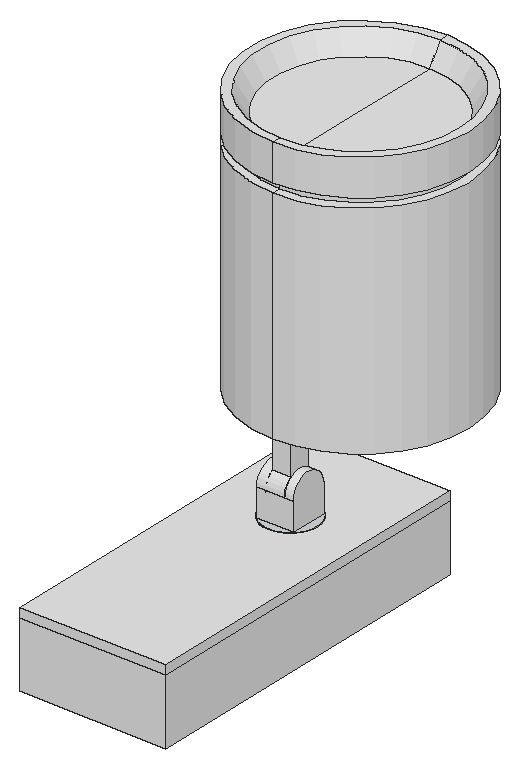
Revit family "63_PHILIPS_StyliD_Evo_Performance_3C_track_ST780T_3D", category Lighting Fixtures, host Face, Revit 2016
Family settings
  Host = Face
  Part Type = Normal
  Round Connector Dimension = Use Diameter
  Cut with Voids When Loaded = No
  Light Source = No
  Shared = No
  Room Calculation Point = No
Parameters (values of type "Type catalog")
  Voltage (V) = ""
  Visibility 2D symbol [instance] = not(Visibility 2D outline)  # yes
  Visibility 2D outline [instance] = no
  Visibility 2D driver [instance] = no
  Rotation XZ = 0.00°
  Rotation XY = 90.00°
  Product catalog - URL = "Product URL"
  Order code = "ORDER CODE"
  Offset = 1 mm
  Length = 146 mm
  Last IES update = "DATE"
  Height = 275 mm
  Fixture code = "FIXTURE CODE"
  ETIM code URL = "https://prod.etim-international.com/Class/Details?classId=EC001744&classVersion=7"
  ETIM code = "EC001744"
  EOC = "EOC CODE"
  Diameter = 120 mm
  Content version = "1.0"
  Content modified date = "DATE"
  Content creation date = "28-03-2019"
  Constraint XZ = if(Rotation XZ < 0.00°, 0.00°, if(Rotation XZ > 350.00°, 350.00°, Rotation XZ))  # 0.00°
  Constraint XY = if(Rotation XY < 15.00°, 15.00°, if(Rotation XY > 100.00°, 100.00°, Rotation XY))  # 90.00°
  Connector width = 80 mm
  Wattage Comments = ""
  URL = "http://www.lighting.philips.com/home"
  Type Comments = "Track Mount"
  Model = "ST780T"
  Manufacturer = "Philips"
  Light loss factor = ""
  Lamp = ""
  Initial luminous flux (lm) = ""
  Init. Corr. Color Temperature (K) = ""
  Description = "StyliD Evo"
  Default Elevation = 0 mm
  Content Creator = "https://www.cadac.com/bimcontent"
  Connector height = 54 mm
  Conector length = 210 mm
  BIM Library - URL = "http://www.lighting.philips.com/main/support/support/revit-library#page=1"
  Assembly Code = ""
  Armatuurcode [instance] = ""
  Apparent Load = 0 VA
  12NC = "12NC CODE"
Reference planes
  plane 1 "Center (Front/Back)": y = 0
  plane 2: z = 0
  plane 3 "Center (Left/Right)": x = 0
  plane 4 "Cadac Group AEC": y = 15
  plane 5: z = 211
  plane 6: z = -53
  plane 7: z = 1
  plane 8: x = -40
  plane 9: y = -175
  plane 10: y = -49.5
  plane 11: x = 40
  plane 12: z = 125.635
  plane 13: z = 42
Lines and regions (mm)
  reference lines
    curve 1: line (0, -49.5, 42) -> (0, -230.226, 42)
Dimensions and locks
  "Connector height": plane 6 to plane 7
  equal spacing: plane 8, plane 3 "Center (Left/Right)", plane 11
  "Connector width": plane 8 to plane 11
  "Offset": plane 2 to plane 7
  "Conector length": plane 7 to plane 5
  plane 9 to plane 1 "Center (Front/Back)" = 175 mm
  locked: plane 10 to curve 1 at 0
  locked: plane 3 "Center (Left/Right)" to curve 1
  "Constraint XZ": angle curve 1 to plane 3 "Center (Left/Right)"
  aligned and locked: plane 2 to host face
  aligned and locked: level to host face
Automatic sketch dimensions
  host sketch curve to host sketch curve = 727.065 mm
  host sketch curve to host sketch curve = 619.519 mm
Nested families
  nested 1: "63_PHILIPS_Trackmount_Evo Performance Dali ST780T 3D" at (0, -80, 1), type "geometry"
    with length 210 mm
  nested 2: "63_PHILIPS_Spot_StyliD" at (0, -49.5, 42) x (0, -1, 0) z (0, 0, -1), rotation angle ZX <- "Constraint XY", type "Spot"
    with rotation angle ZX 90.00°, spot offset 29 mm, height spot 146 mm, Radius 60 mm
  nested 3: "2D-PL-Rechthoekig" at (0, -80, 0) x (0, 1, 0) z (0, 0, 1), Width <- "Connector width", lengte <- "Conector length", visible <- "Visibility 2D outline", type "2D symbool"
    with lengte 210 mm, Width 80 mm
  nested 4: "2D-PL-Rond + symbool + peil" at (0, -1.5, 0) x (-1, 0, 0) z (0, 0, 1), Diameters <- "Diameter", Rotation XY <- "Constraint XZ", visible <- "Visibility 2D symbol", type "2D symbool"
    with radius 60 mm, Rotation XY 0.00°, Diameters 120 mm
  nested 5: "2D-PL-peil" at (0, -1.5, 0) x (0, 1, 0) z (0, 0, 1), type "2D symbool"
  nested 6: "2D-PL-Driver" at (0, -2.5, 0), visible <- "Visibility 2D driver", type "2D symbool"
Connectors
  electrical at (0, -87.5, 1), driven by "Apparent Load"
    settings: on nested 1, index 1, voltage 0 V, apparent load 0 VA, apparent load phase1 0 VA, apparent load phase2 0 VA, apparent load phase3 0 VA, power factor 1, load classification "Other", number of poles 1, system type 31, power factor state 1, is connector primary yes, connector utility no, sub classification motor no, connector description ""
Definition of nested family "63_PHILIPS_Trackmount_Evo Performance Dali ST780T 3D"
  Parameters (values of type "geometry")
    width = 80 mm
    light source = 2 mm
    length = 190 mm
    height = 36 mm
    algemeen_leverancier = ""
    algemeen_code = ""
    algemeen_URL = ""
    Type Comments = ""
    Model = ""
    Manufacturer = "Philips"
    Diameter pole = 30 mm
    Lamp = ""
    Description = ""
  Reference planes
    plane 1 "Center (Front/Back)": y = 0
    plane 2: z = 41
    plane 3 "Center (Left/Right)": x = 0
    plane 4 "Blend 4": z = 0
    plane 5: x = -40
    plane 6: x = 40
    plane 7: y = 95
    plane 8: y = -95
    plane 9: z = 36
    plane 10: z = 10
    plane 11: x = -32.5
    plane 12: x = 32.5
  Forms (mm)
    Extrusion 1, solid
      sketch origin (0, 0, -197) x (0, 1, 0) y (-1, 0, 0)
        loop
          line (-95, 40) -> (-95, -40) -> (80, -40) -> (80, 40) -> (-95, 40)
      from 238 to 233
    Extrusion 2, solid
      sketch origin (0, 0, 36) x (0, 1, 0) y (-1, 0, 0)
        loop
          line (80, 40) -> (-95, 40) -> (-95, -40) -> (80, -40) -> (80, 40)
      from 0 to -36
    Extrusion 3, void
      sketch origin (0, 0, 0) x (1, 0, 0) y (0, 1, 0)
        loop
          circle (0, 30.5) r 15
      from 36 to 41
    Extrusion 4, solid
      sketch origin (0, 0, 0) x (1, 0, 0) y (0, 1, 0)
        loop
          line (-12.5, 85) -> (-12.5, 10)
          arc (-12.5, 10) -> (0, 0) -> (12.5, 10) r 12.813
          line (12.5, 10) -> (12.5, 85)
          arc (12.5, 85) -> (0, 95) -> (-12.5, 85) r 12.813
      from 0 to -30
    Extrusion 5, void
      sketch origin (0, 0, 0) x (0, 1, 0) y (0, 0, 1)
        loop
          line (0, -10) -> (0, -30) -> (95, -30) -> (95, -10) -> (0, -10)
      from 12.5 to 5
    Extrusion 6, void
      sketch origin (0, 0, -1.656) x (0, 1, 0) y (0, 0, -1)
        loop
          line (0, 8.344) -> (95, 8.344) -> (95, 28.344) -> (0, 28.344) -> (0, 8.344)
      from 12.5 to 5
  Cuts and joins
    Extrusion 3 cuts Extrusion 1
    Extrusion 3, Extrusion 5, Extrusion 6 cuts Extrusion 2
    Extrusion 5, Extrusion 6 cuts Extrusion 4
  Dimensions and locks
    "height": plane 9 to level
    equal spacing: plane 7, plane 1 "Center (Front/Back)", plane 8
    "length": plane 7 to plane 8
    equal spacing: plane 5, plane 3 "Center (Left/Right)", plane 6
    "width": plane 5 to plane 6
    locked: plane 2 to plane 9 at 5
    locked: plane 5 to plane 11 at 7.5
    locked: plane 12 to plane 6 at 7.5
    aligned and locked: plane 8 to Extrusion 1 sketch curve
    aligned and locked: plane 5 to Extrusion 1 sketch curve
    aligned and locked: Extrusion 1 sketch curve to plane 6
    aligned and locked: plane 9 to Extrusion 2
    aligned and locked: plane 9 to Extrusion 3
    aligned and locked: Extrusion 3 to plane 2
    aligned and locked: Extrusion 2 to level
    aligned and locked: plane 9 to cut or joined group of Extrusion 1, Extrusion 3
    aligned and locked: cut or joined group of Extrusion 1, Extrusion 3 to plane 2
  Automatic sketch dimensions
    plane 7 to Extrusion 1 sketch curve = 15 mm
    Extrusion 2 sketch curve to Extrusion 1 = 0 mm  (x4)
    Extrusion 3 sketch curve to plane 3 "Center (Left/Right)" = 0 mm
    Extrusion 3 sketch curve to plane 1 "Center (Front/Back)" = 30.5 mm
    Extrusion 4 sketch curve to plane 3 "Center (Left/Right)" = 0 mm  (x2)
    Extrusion 4 sketch curve to plane 3 "Center (Left/Right)" = 12.5 mm
    plane 7 to Extrusion 4 sketch curve = 10 mm
    plane 3 "Center (Left/Right)" to Extrusion 4 sketch curve = 12.5 mm
    plane 7 to Extrusion 4 sketch curve = 12.812 mm
    Extrusion 4 sketch curve to plane 1 "Center (Front/Back)" = 12.813 mm
    Extrusion 4 sketch curve to plane 1 "Center (Front/Back)" = 10 mm
    Extrusion 5 sketch curve to plane 1 "Center (Front/Back)" = 0 mm
    Extrusion 5 sketch curve to plane 7 = 0 mm
    Extrusion 5 sketch curve to level = 10 mm
    Extrusion 5 sketch curve to level = 30 mm
    Extrusion 6 sketch curve to plane 1 "Center (Front/Back)" = 0 mm
    Extrusion 6 sketch curve to plane 7 = 0 mm
    Extrusion 6 sketch curve to level = 10 mm
    Extrusion 6 sketch curve to level = 30 mm
    radius of Extrusion 3 sketch curve = 15 mm
Definition of nested family "63_PHILIPS_Spot_StyliD"
  Parameters (values of type "Spot")
    spot offset = 30 mm
    rotation angle ZX [instance] = 90.00°
    height spot top = 55 mm
    height spot middle = 10 mm
    height spot = 125 mm
    Radius = 45 mm
    ceiling thickness = 12.5 mm
    Wattage Comments = ""
    URL = "http://www.ecat.lighting.philips.com/l"
    Type Comments = "surface mounted"
    Model = "XXX RS530B"
    Manufacturer = "Philips"
    Description = "XXX LuxSpace"
    Default Elevation = 2800 mm
    Assembly Code = ""
  Reference planes
    plane 1 "Center (Front/Back)": y = 0
    plane 2: z = 0
    plane 3 "Center (Left/Right)": x = 0
    plane 4 "Cadac Group AEC": y = 0
    plane 5: z = 12.5
    plane 6: z = 12.5
    plane 7: z = -14
    plane 8: z = -50
  Forms (mm)
    Extrusion 1, solid
      sketch origin (0, 0, 0) x (1, 0, 0) y (0, 1, 0)
        loop
          line (-350, 290) -> (-350, -329.519) -> (377.065, -329.519) -> (377.065, 290) -> (-350, 290)
      from 0 to 12.5 <- "ceiling thickness"
    Revolve 2, solid
      sketch origin (0, 0, -14) x (0, 0, -1) y (1, 0, 0)
        loop
          line (30, -33) -> (143.915, -33) -> (143.915, 0) -> (155, 7) -> (155, 12) -> (135, 12) -> (135, 7) -> (130, 7) -> (130, 12) -> (30, 12) -> (30, -33)
        axis (30, -33) -> (155, -33)
      angle from 0 to 360
    Extrusion 3, solid
      sketch origin (0, 0, -55) x (0, 0, -1) y (1, 0, 0)
        loop
          line (-11, -6) -> (-11, 6) -> (-31.642, 6)
          arc (-31.642, 6) -> (-50.288, 0) -> (-31.642, -6) r 10.288
          line (-31.642, -6) -> (-11, -6)
      from -5 to 5
    Extrusion 4, solid
      sketch origin (0, 0, -11) x (-1, 0, 0) y (0, 0, -1)
        loop
          line (-10.381, -11) -> (10.381, -11) -> (10.381, 4)
          arc (10.381, 4) -> (0, 14.381) -> (-10.381, 4) r 10.381
          line (-10.381, 4) -> (-10.381, -11)
      from 10 to -10
    Extrusion 5, solid
      sketch origin (0, 0, 0) x (1, 0, 0) y (0, 1, 0)
        loop
          circle (0, 0) r 15
      from 0 to 5
  Lines and regions (mm)
    reference lines
      curve 1: line (0, 0, -14) -> (0, 0, -144)
      curve 2: line (0, 0, -14) -> (-108, 0, -14)
      curve 3: line (12, 0, -169) -> (-108, 0, -169)
      curve 4: line (-108, 0, -169) -> (-108, 0, -14)
      curve 5: line (12, 0, -44) -> (-108, 0, -44)
      curve 6: line (12, 0, -14) -> (12, 0, -169)
      curve 7: line (-48, 0, -169) -> (-48, 0, -14)
  Dimensions and locks
    "spot offset": curve 2 to curve 5
    curve 1 to curve 6 = 12 mm
    plane 8 to Extrusion 1 = 50 mm
    curve 3 to Revolve 2 sketch curve = 11.085 mm
    Revolve 2 sketch curve to curve 6 = 5 mm
    Revolve 2 sketch curve to Revolve 2 sketch curve = 20 mm
    Revolve 2 sketch curve to Revolve 2 sketch curve = 12 mm
    Revolve 2 sketch curve to Revolve 2 sketch curve = 5 mm
    "height spot": Revolve 2 sketch curve to Revolve 2 sketch curve
    "height spot": curve 3 to curve 5
    "Radius": Revolve 2 sketch curve to Revolve 2 sketch curve
    "rotation angle ZX": angle curve 1 to plane 7
    aligned and locked: plane 2 to Extrusion 1
    aligned and locked: level to Extrusion 1
    aligned and locked: plane 4 "Cadac Group AEC" to plane 1 "Center (Front/Back)"
    aligned and locked: plane 3 "Center (Left/Right)" to curve 1
    aligned and locked: Revolve 2 sketch curve to Revolve 2 sketch curve
    aligned and locked: Revolve 2 sketch curve to curve 3
    aligned and locked: Revolve 2 sketch curve to curve 6  (x2)
  Automatic sketch dimensions
    Extrusion 1 sketch curve to Extrusion 1 sketch curve = 727.065 mm
    Extrusion 1 sketch curve to Extrusion 1 sketch curve = 619.519 mm
    Extrusion 4 sketch curve to level = 0 mm
    plane 7 to Extrusion 4 sketch curve = 1 mm
    Extrusion 4 sketch curve to plane 3 "Center (Left/Right)" = 0 mm
    plane 3 "Center (Left/Right)" to Extrusion 4 sketch curve = 10.381 mm
    plane 1 "Center (Front/Back)" to Extrusion 5 sketch curve = 0 mm
    Extrusion 5 sketch curve to plane 3 "Center (Left/Right)" = 0 mm
    curve 1 to Extrusion 3 sketch curve = 0 mm
    curve 1 to Extrusion 3 sketch curve = 9.358 mm  (x2)
    curve 1 to Extrusion 3 sketch curve = 6 mm
    curve 1 to Extrusion 3 sketch curve = 1 mm
    Extrusion 3 sketch curve to Extrusion 3 sketch curve = 20.642 mm
    curve 1 to plane 7 = 0 mm
    curve 2 to curve 1 = 0 mm  (x2)
    curve 6 to curve 1 = 0 mm
    curve 2 to curve 1 = 108 mm
    curve 7 to curve 1 = 48 mm
    Revolve 2 sketch curve to curve 1 = 0 mm
    Revolve 2 sketch curve to Revolve 2 sketch curve = 5 mm
    Revolve 2 sketch curve to Revolve 2 sketch curve = 12.347 mm
    radius of Extrusion 5 sketch curve = 15 mm
  Connectors
    electrical at (0, 0, 0)
      settings: index 1, voltage 230 V, apparent load 0 VA, apparent load phase1 18 VA, apparent load phase2 0 VA, apparent load phase3 0 VA, power factor 1, load classification none, number of poles 1, system type 31, power factor state 1, is connector primary yes, connector utility no, sub classification motor no, connector description ""
Definition of nested family "2D-PL-Rechthoekig"
  Parameters (values of type "2D symbool")
    lengte [instance] = 1200 mm
    Width [instance] = 100 mm
    Type Comments = "GEEN CALCULATIEOBJECT"
    Manufacturer = ""
    Description = "Armatuur 2D symbool"
    Copyright © Cadac = "www.cadac.com/aec"
    Cadac content versie = ""
    Assembly Code = ""
  Reference planes
    plane 1 "Center (Front/Back)": y = 0
    plane 2: z = 0
    plane 3 "Center (Left/Right)": x = 0
    plane 4: y = 150
    plane 5: y = -150
    plane 6: y = 176.777
    plane 7: x = -176.777
    plane 8: x = 176.777
    plane 9: y = -176.777
    plane 10 "Cadac Group AEC": y = 0
    plane 11: y = 400
    plane 12: y = -191.421
    plane 13: y = -206.066
    plane 14: y = -220.711
    plane 15: y = -235.355
  Lines and regions (mm)
    symbolic lines
      curve 1: line (600, 50, 0) -> (600, -50, 0)
      curve 2: line (-600, 50, 0) -> (-600, -50, 0)
      curve 3: line (-600, 50, 0) -> (600, 50, 0)
      curve 4: line (-600, -50, 0) -> (600, -50, 0)
  Dimensions and locks
    equal spacing: curve 2, plane 3 "Center (Left/Right)", curve 1
    "lengte": curve 2 to curve 1
    equal spacing: plane 5, plane 1 "Center (Front/Back)", plane 4
    locked: plane 4 to plane 5 at 300
    equal spacing: curve 4, plane 1 "Center (Front/Back)", curve 3
    "Width": curve 4 to curve 3
    locked: plane 7 to plane 8 at 353.553
    locked: plane 6 to plane 9 at 353.553
    equal spacing: plane 7, plane 3 "Center (Left/Right)", plane 8
    equal spacing: plane 6, plane 1 "Center (Front/Back)", plane 9
    locked: plane 1 "Center (Front/Back)" to plane 11 at 400
    equal spacing: plane 9, plane 12, plane 13, plane 14, plane 15
    locked: plane 9 to plane 15 at 58.579
    aligned and locked: plane 10 "Cadac Group AEC" to plane 1 "Center (Front/Back)"
Definition of nested family "2D-PL-Rond + symbool + peil"
  Parameters (values of type "2D symbool")
    radius [instance] = Diameters / 2  # 125 mm
    Visibility 2D symbol = yes
    Rotation XY [instance] = 70.00°
    Diameters [instance] = 250 mm
    Description = "Armatuur symbool"
    Copyright © Cadac = "www.cadac.com/aec"
    Cadac content versie = ""
    Assembly Code = ""
  Reference planes
    plane 1 "Center (Front/Back)": y = 0
    plane 2: z = 0
    plane 3 "Center (Left/Right)": x = 0
  Lines and regions (mm)
    symbolic lines
      curve 1: circle (0, 0, 0) r 125 normal (0, 0, 1)
    reference lines
      curve 2: line (0, 0, 0) -> (314.797, 114.577, 0)
  Dimensions and locks
    locked: plane 3 "Center (Left/Right)" to nested 2 at 0
    "Diameters": diameter of curve 1
    "Rotation XY": angle curve 2 to plane 3 "Center (Left/Right)"
    aligned and locked: plane 3 "Center (Left/Right)" to curve 2
    aligned and locked: plane 1 "Center (Front/Back)" to curve 2
    aligned and locked: nested 2 to curve 2
  Automatic sketch dimensions
    plane 1 "Center (Front/Back)" to curve 1 = 0 mm
    curve 1 to plane 3 "Center (Left/Right)" = 0 mm
  Nested families
    nested 1: "PL-opbouwarmatuur plafond rond" at (0, 0, 0), radius cirkel <- "radius", visible <- "Visibility 2D symbol", type "PL lichtpunt"
      with radius cirkel 125 mm, lengte symbool 162.5 mm, l1 140 mm, breedte symbool 150 mm, b1 52.5 mm, Diameters 250 mm
    nested 2: "2D-PL-peil" at (0, 0, 0) x (-0.9397, -0.342, 0) z (0, 0, 1), visible <- "Visibility 2D symbol", type "2D symbool"
  Definition of nested family "PL-opbouwarmatuur plafond rond"
    Parameters (values of type "PL lichtpunt")
      radius cirkel [instance] = 200 mm
      lengte symbool [instance] = 162.5 mm
      l1 [instance] = 140 mm
      breedte symbool [instance] = radius cirkel + 25 mm  # 225 mm
      b1 [instance] = 52.5 mm
      Diameters = 74 mm
      Description = "PL lichtpunt"
      Copyright © Cadac = "www.cadac.com/aec"
      Cadac content versie = "4.0"  # constant formula
      Assembly Code = ""
    Reference planes
      plane 1 "Center (Front/Back)": y = 0
      plane 2: z = 0
      plane 3 "Center (Left/Right)": x = 0
      plane 4: y = 112.5
      plane 5: y = -112.5
    Lines and regions (mm)
      symbolic lines
        curve 1: circle (0, 0, 0) r 200 normal (0, 0, 1)
        curve 2: line (-165.359, 112.5, 0) -> (165.359, -112.5, 0)
        curve 3: line (-165.359, -112.5, 0) -> (165.359, 112.5, 0)
    Dimensions and locks
      equal spacing: plane 4, plane 1 "Center (Front/Back)", plane 5
      "breedte symbool": plane 4 to plane 5
      "radius cirkel": radius of curve 1
      aligned and locked: plane 4 to curve 2
      aligned and locked: plane 4 to curve 3
      aligned and locked: plane 5 to curve 3
      aligned and locked: plane 5 to curve 2
    Automatic sketch dimensions
      plane 1 "Center (Front/Back)" to curve 1 = 0 mm
      curve 1 to plane 3 "Center (Left/Right)" = 0 mm
  Definition of nested family "2D-PL-peil"
    Parameters (values of type "2D symbool")
      lengte = 200 mm
      Type Comments = "GEEN CALCULATIEOBJECT"
      Peil lengte = 100 mm
      Manufacturer = ""
      Description = "Armatuur 2D symbool"
      Default Elevation = 1219.2 mm
      Copyright © Cadac = "www.cadac.com/aec"
      Cadac content versie = ""
      Assembly Code = ""
    Reference planes
      plane 1 "Center (Front/Back)": y = 0
      plane 2: z = 0
      plane 3 "Center (Left/Right)": x = 0
      plane 4: y = 150
      plane 5: y = -150
      plane 6: y = 176.777
      plane 7: x = -176.777
      plane 8: x = 176.777
      plane 9: y = -176.777
      plane 10: y = 400
      plane 11: y = -191.421
      plane 12: y = -206.066
      plane 13: y = -220.711
      plane 14: y = -235.355
    Lines and regions (mm)
      symbolic lines
        curve 1: line (-200, 0, 0) -> (0, 0, 0)
        curve 2: line (-200, 0, 0) -> (-121.849, 62.389, 0)
        curve 3: line (-200, 0, 0) -> (-121.849, -62.389, 0)
      reference lines
        curve 4: line (100, -50, 0) -> (-245, -50, 0)
    Dimensions and locks
      equal spacing: plane 5, plane 1 "Center (Front/Back)", plane 4
      locked: plane 4 to plane 5 at 300
      locked: plane 7 to plane 8 at 353.553
      locked: plane 6 to plane 9 at 353.553
      equal spacing: plane 7, plane 3 "Center (Left/Right)", plane 8
      equal spacing: plane 6, plane 1 "Center (Front/Back)", plane 9
      locked: plane 1 "Center (Front/Back)" to plane 10 at 400
      equal spacing: plane 9, plane 11, plane 12, plane 13, plane 14
      locked: plane 9 to plane 14 at 58.579
      "lengte": curve 1 to curve 1
      "Peil lengte": curve 2 to curve 2
      "Peil lengte": curve 3 to curve 3
    Automatic sketch dimensions
      curve 4 to plane 7 = 68.223 mm
      plane 1 "Center (Front/Back)" to curve 4 = 50 mm
      curve 4 to plane 8 = 76.777 mm
      plane 1 "Center (Front/Back)" to curve 3 = 0 mm
      curve 1 to plane 3 "Center (Left/Right)" = 0 mm
      plane 7 to curve 2 = 54.928 mm
      plane 7 to curve 3 = 54.928 mm
Definition of nested family "2D-PL-peil"
  Parameters (values of type "2D symbool")
    lengte = 200 mm
    Type Comments = "GEEN CALCULATIEOBJECT"
    Peil lengte = 100 mm
    Manufacturer = ""
    Description = "Armatuur 2D symbool"
    Default Elevation = 1219.2 mm
    Copyright © Cadac = "www.cadac.com/aec"
    Cadac content versie = ""
    Assembly Code = ""
  Reference planes
    plane 1 "Center (Front/Back)": y = 0
    plane 2: z = 0
    plane 3 "Center (Left/Right)": x = 0
    plane 4: y = 150
    plane 5: y = -150
    plane 6: y = 176.777
    plane 7: x = -176.777
    plane 8: x = 176.777
    plane 9: y = -176.777
    plane 10: y = 400
    plane 11: y = -191.421
    plane 12: y = -206.066
    plane 13: y = -220.711
    plane 14: y = -235.355
  Lines and regions (mm)
    symbolic lines
      curve 1: line (-200, 0, 0) -> (0, 0, 0)
      curve 2: line (-200, 0, 0) -> (-121.849, 62.389, 0)
      curve 3: line (-200, 0, 0) -> (-121.849, -62.389, 0)
    reference lines
      curve 4: line (100, -50, 0) -> (-245, -50, 0)
  Dimensions and locks
    equal spacing: plane 5, plane 1 "Center (Front/Back)", plane 4
    locked: plane 4 to plane 5 at 300
    locked: plane 7 to plane 8 at 353.553
    locked: plane 6 to plane 9 at 353.553
    equal spacing: plane 7, plane 3 "Center (Left/Right)", plane 8
    equal spacing: plane 6, plane 1 "Center (Front/Back)", plane 9
    locked: plane 1 "Center (Front/Back)" to plane 10 at 400
    equal spacing: plane 9, plane 11, plane 12, plane 13, plane 14
    locked: plane 9 to plane 14 at 58.579
    "lengte": curve 1 to curve 1
    "Peil lengte": curve 2 to curve 2
    "Peil lengte": curve 3 to curve 3
  Automatic sketch dimensions
    curve 4 to plane 7 = 68.223 mm
    plane 1 "Center (Front/Back)" to curve 4 = 50 mm
    curve 4 to plane 8 = 76.777 mm
    plane 1 "Center (Front/Back)" to curve 3 = 0 mm
    curve 1 to plane 3 "Center (Left/Right)" = 0 mm
    plane 7 to curve 2 = 54.928 mm
    plane 7 to curve 3 = 54.928 mm
Definition of nested family "2D-PL-Driver"
  Parameters (values of type "2D symbool")
    Description = "Armatuur symbool"
    Copyright © Cadac = "www.cadac.com/aec"
    Cadac content versie = ""
    Assembly Code = ""
  Reference planes
    plane 1 "Center (Front/Back)": y = 0
    plane 2: z = 0
    plane 3 "Center (Left/Right)": x = 0
  Lines and regions (mm)
    model lines
      curve 1: line (-12.5, -19.5, 0) -> (-12.5, 19.5, 0)
      curve 2: line (12.5, 19.5, 0) -> (12.5, -19.5, 0)
      curve 3: arc (-12.5, 19.5, 0) -> (0, 27.5, 0) -> (12.5, 19.5, 0) r 13.766
      curve 4: arc (-12.5, -19.5, 0) -> (0, -27.5, 0) -> (12.5, -19.5, 0) r 13.766
